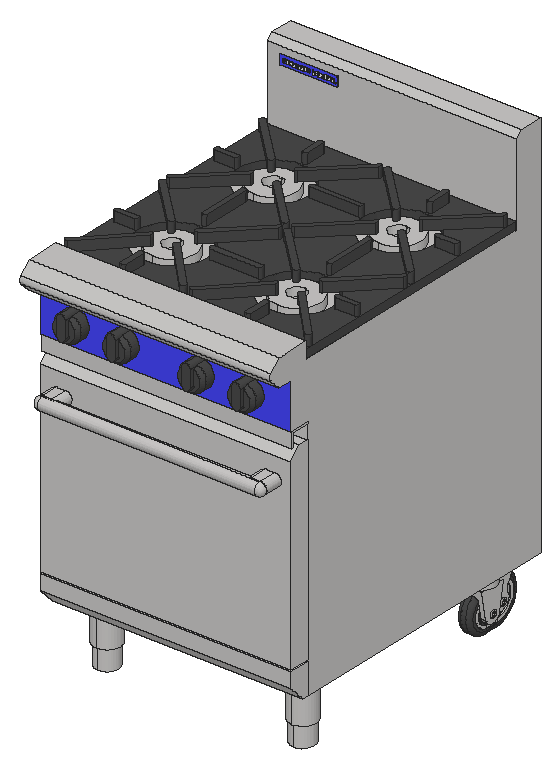
Revit family "QF_MOFFAT_BLUESEAL_CE_G504D", category Specialty Equipment, Revit 2012
Parameters
  Weight in Pounds = 346
  URL Cutsheet = "www.moffat.com"
  URL = "www.moffat.com"
  Type Mark [instance] = ""
  Status [instance] = ""
  Specification by User [instance] = ""
  Specification by Manufacturer = ""
  Show Logo [instance] = yes
  Show Clearance [instance] = yes
  Show Casters [instance] = yes
  Serial Number = ""
  Seismic Rating = ""
  SMACNA No = ""
  Revision Code [instance] = ""
  Omniclass Number and Title = ""
  NAFEM Spec ID Number = ""
  Model = "G504D"
  Mechanical Remarks [instance] = ""
  Mechanical Connection Type [instance] = ""
  Masterspec = ""
  Manufacturer = "MOFFAT BLUESEAL"
  Legs [instance] = not(Show Casters)  # no
  Item Number [instance] = ""
  Installed By [instance] = ""
  Identify Quantity as Lot [instance] = yes
  Gas Size = 3/4"
  Gas RI Height [instance] = 0 mm
  Gas KW [instance] = 37.7
  Gas Input [instance] = 128903.0 Btu/h
  Gas Connection Height = 0 mm
  Furnished By [instance] = ""
  Foodservice Equipment Identifier [instance] = yes
  Description = "600MM GAS RANGE WITH STATIC OVEN"
  CSI MasterFormat = ""
  CSI Master Format = ""
Reference planes
  plane 1 "BACK": y = 0
  plane 2: z = 0
  plane 3 "LEFT": x = 0
  plane 4 "RIGHT": x = 600
  plane 5 "FRONT": y = -812
  plane 6 "TOP": z = 970
  plane 7 "Center Y": x = 300
  plane 8 "Center X": y = -406
  plane 9: x = 65
  plane 10: x = 535
  plane 11: y = -100
  plane 12 "Base Height": z = 150
  plane 13: x = 65.8
  plane 14: x = 470
  plane 15: z = 1085
Forms (mm)
  Extrusion 1, solid, material "QF_Finishes_Stainless Steel"
    sketch origin (0, 0, 0) x (0, 1, 0) y (0, 0, 1)
      loop
        line (-784.97, 850) -> (-749, 850) -> (-749, 740) -> (-699, 740) -> (-699, 150) -> (0, 150) -> (0, 1085) -> (-57.5, 1085) -> (-70, 1072.5) -> (-70, 875) -> (-705, 875) -> (-705, 915) -> (-783.97, 915) -> (-808.525, 890.445)
        arc (-808.525, 890.445) -> (-812.023, 882) -> (-808.525, 873.555) r 11.943
        line (-808.525, 873.555) -> (-784.97, 850)
    from 0 to 600
  Extrusion 2, solid, material "QF_Finishes_Stainless Steel"
    sketch origin (405.062, 3, 100) x (1, 0, 0) y (0, 1, 0)
      loop
        circle (65, -35) r 13.5
    from 555 to 640
  Revolve 3, solid, material "QF_Finishes_Stainless Steel"
    sketch origin (65, -735, 0) x (0, 1, 0) y (0, 0, 1)
      loop
        line (71.25, 150) -> (71.25, 50) -> (75.5, 50) -> (75.5, 0) -> (103, 0) -> (103, 150) -> (71.25, 150)
      axis (103, 150) -> (103, 0)
    angle from 0 to 360
  Revolve 4, solid, material "QF_Finishes_Stainless Steel"
    sketch origin (535, -735, 0) x (0, 1, 0) y (0, 0, -1)
      loop
        line (71.25, -150) -> (103, -150) -> (103, 0) -> (75.5, 0) -> (75.5, -50) -> (71.25, -50) -> (71.25, -150)
      axis (103, -150) -> (103, 0)
    angle from 0 to 360
  Extrusion 5, solid, material "QF_Finishes_Black"
    sketch origin (0, -70, 875) x (0, -1, 0) y (1, 0, 0)
      loop
        arc (1, 4) -> (1.879, 1.879) -> (4, 1) r 3
        line (4, 1) -> (638, 1)
        arc (638, 1) -> (640.121, 1.879) -> (641, 4) r 3
        line (641, 4) -> (641, 596)
        arc (641, 596) -> (640.121, 598.121) -> (638, 599) r 3
        line (638, 599) -> (4, 599)
        arc (4, 599) -> (1.879, 598.121) -> (1, 596) r 3
        line (1, 596) -> (1, 4)
      loop
        circle (167.5, 150) r 85
      loop
        circle (167.5, 450) r 85
      loop
        circle (471.268, 150) r 85
      loop
        circle (471.268, 450) r 85
    from 0 to 19.5
  Extrusion 6, solid, material "QF_Finishes_Black"
    sketch origin (0, -70, 894.5) x (0, -1, 0) y (1, 0, 0)
      loop
        spline (323.602, 15.153) -> (322.681, 13.924) -> (322.131, 12.47) -> (321.99, 10.89) -> (322.267, 9.292) -> (322.943, 7.786) -> (323.973, 6.473) -> (325.286, 5.443) -> (326.792, 4.767) -> (328.39, 4.49) -> (329.97, 4.631) -> (331.424, 5.181) -> (332.653, 6.102)
        line (332.653, 6.102) -> (440.576, 114.025)
        spline (440.576, 114.025) -> (441.337, 115.095) -> (441.738, 116.399) -> (441.751, 117.851) -> (441.375, 119.35) -> (440.637, 120.795) -> (439.586, 122.086) -> (438.295, 123.137) -> (436.85, 123.875) -> (435.351, 124.251) -> (433.899, 124.238) -> (432.595, 123.837) -> (431.525, 123.076)
        line (431.525, 123.076) -> (323.602, 15.153)
      loop
        line (618.398, 15.153) -> (503.475, 123.076)
        spline (503.475, 123.076) -> (502.405, 123.837) -> (501.101, 124.238) -> (499.649, 124.251) -> (498.15, 123.875) -> (496.705, 123.137) -> (495.414, 122.086) -> (494.363, 120.795) -> (493.625, 119.35) -> (493.249, 117.851) -> (493.262, 116.399) -> (493.663, 115.095) -> (494.424, 114.025)
        line (494.424, 114.025) -> (609.347, 6.102)
        spline (609.347, 6.102) -> (610.416, 5.341) -> (611.721, 4.941) -> (613.172, 4.928) -> (614.671, 5.303) -> (616.116, 6.041) -> (617.408, 7.092) -> (618.459, 8.384) -> (619.197, 9.829) -> (619.572, 11.328) -> (619.559, 12.779) -> (619.159, 14.084) -> (618.398, 15.153)
      loop
        spline (375.602, 143.6) -> (376.896, 143.818) -> (378.102, 144.457) -> (379.138, 145.475) -> (379.932, 146.8) -> (380.432, 148.344) -> (380.602, 150) -> (380.432, 151.656) -> (379.932, 153.2) -> (379.138, 154.525) -> (378.102, 155.543) -> (376.896, 156.182) -> (375.602, 156.4)
        line (375.602, 156.4) -> (259.398, 156.4)
        spline (259.398, 156.4) -> (258.104, 156.182) -> (256.898, 155.543) -> (255.862, 154.525) -> (255.068, 153.2) -> (254.568, 151.656) -> (254.398, 150) -> (254.568, 148.344) -> (255.068, 146.8) -> (255.862, 145.475) -> (256.898, 144.457) -> (258.104, 143.818) -> (259.398, 143.6)
        line (259.398, 143.6) -> (375.602, 143.6)
      loop
        spline (23.602, 15.153) -> (22.681, 13.924) -> (22.131, 12.47) -> (21.99, 10.89) -> (22.267, 9.292) -> (22.943, 7.786) -> (23.973, 6.473) -> (25.286, 5.443) -> (26.792, 4.767) -> (28.39, 4.49) -> (29.97, 4.631) -> (31.424, 5.181) -> (32.653, 6.102)
        line (32.653, 6.102) -> (140.576, 114.025)
        spline (140.576, 114.025) -> (141.337, 115.095) -> (141.738, 116.399) -> (141.751, 117.851) -> (141.375, 119.35) -> (140.637, 120.795) -> (139.586, 122.086) -> (138.295, 123.137) -> (136.85, 123.875) -> (135.351, 124.251) -> (133.899, 124.238) -> (132.595, 123.837) -> (131.525, 123.076)
        line (131.525, 123.076) -> (23.602, 15.153)
      loop
        line (311.398, 15.153) -> (203.475, 123.076)
        spline (203.475, 123.076) -> (202.405, 123.837) -> (201.101, 124.238) -> (199.649, 124.251) -> (198.15, 123.875) -> (196.705, 123.137) -> (195.414, 122.086) -> (194.363, 120.795) -> (193.625, 119.35) -> (193.249, 117.851) -> (193.262, 116.399) -> (193.663, 115.095) -> (194.424, 114.025)
        line (194.424, 114.025) -> (302.347, 6.102)
        spline (302.347, 6.102) -> (303.416, 5.341) -> (304.721, 4.941) -> (306.172, 4.928) -> (307.671, 5.303) -> (309.116, 6.041) -> (310.408, 7.092) -> (311.459, 8.384) -> (312.197, 9.829) -> (312.572, 11.328) -> (312.559, 12.779) -> (312.159, 14.084) -> (311.398, 15.153)
      loop
        line (323.602, 284.847) -> (431.525, 176.924)
        spline (431.525, 176.924) -> (432.595, 176.163) -> (433.899, 175.762) -> (435.351, 175.749) -> (436.85, 176.125) -> (438.295, 176.863) -> (439.586, 177.914) -> (440.637, 179.205) -> (441.375, 180.65) -> (441.751, 182.149) -> (441.738, 183.601) -> (441.337, 184.905) -> (440.576, 185.975)
        line (440.576, 185.975) -> (332.653, 293.898)
        spline (332.653, 293.898) -> (331.424, 294.819) -> (329.97, 295.369) -> (328.39, 295.51) -> (326.792, 295.233) -> (325.286, 294.557) -> (323.973, 293.527) -> (322.943, 292.214) -> (322.267, 290.708) -> (321.99, 289.11) -> (322.131, 287.53) -> (322.681, 286.076) -> (323.602, 284.847)
      loop
        spline (618.398, 284.847) -> (619.159, 285.916) -> (619.559, 287.221) -> (619.572, 288.672) -> (619.197, 290.171) -> (618.459, 291.616) -> (617.408, 292.908) -> (616.116, 293.959) -> (614.671, 294.697) -> (613.172, 295.072) -> (611.721, 295.059) -> (610.416, 294.659) -> (609.347, 293.898)
        line (609.347, 293.898) -> (494.424, 185.975)
        spline (494.424, 185.975) -> (493.663, 184.905) -> (493.262, 183.601) -> (493.249, 182.149) -> (493.625, 180.65) -> (494.363, 179.205) -> (495.414, 177.914) -> (496.705, 176.863) -> (498.15, 176.125) -> (499.649, 175.749) -> (501.101, 175.762) -> (502.405, 176.163) -> (503.475, 176.924)
        line (503.475, 176.924) -> (618.398, 284.847)
      loop
        spline (461.1, 241.898) -> (461.318, 240.604) -> (461.957, 239.398) -> (462.975, 238.362) -> (464.3, 237.568) -> (465.844, 237.068) -> (467.5, 236.898) -> (469.156, 237.068) -> (470.7, 237.568) -> (472.025, 238.362) -> (473.043, 239.398) -> (473.682, 240.604) -> (473.9, 241.898)
        line (473.9, 241.898) -> (473.9, 358.102)
        spline (473.9, 358.102) -> (473.682, 359.396) -> (473.043, 360.602) -> (472.025, 361.638) -> (470.7, 362.432) -> (469.156, 362.932) -> (467.5, 363.102) -> (465.844, 362.932) -> (464.3, 362.432) -> (462.975, 361.638) -> (461.957, 360.602) -> (461.318, 359.396) -> (461.1, 358.102)
        line (461.1, 358.102) -> (461.1, 241.898)
      loop
        line (23.602, 284.847) -> (131.525, 176.924)
        spline (131.525, 176.924) -> (132.595, 176.163) -> (133.899, 175.762) -> (135.351, 175.749) -> (136.85, 176.125) -> (138.295, 176.863) -> (139.586, 177.914) -> (140.637, 179.205) -> (141.375, 180.65) -> (141.751, 182.149) -> (141.738, 183.601) -> (141.337, 184.905) -> (140.576, 185.975)
        line (140.576, 185.975) -> (32.653, 293.898)
        spline (32.653, 293.898) -> (31.424, 294.819) -> (29.97, 295.369) -> (28.39, 295.51) -> (26.792, 295.233) -> (25.286, 294.557) -> (23.973, 293.527) -> (22.943, 292.214) -> (22.267, 290.708) -> (21.99, 289.11) -> (22.131, 287.53) -> (22.681, 286.076) -> (23.602, 284.847)
      loop
        spline (311.398, 284.847) -> (312.159, 285.916) -> (312.559, 287.221) -> (312.572, 288.672) -> (312.197, 290.171) -> (311.459, 291.616) -> (310.408, 292.908) -> (309.116, 293.959) -> (307.671, 294.697) -> (306.172, 295.072) -> (304.721, 295.059) -> (303.416, 294.659) -> (302.347, 293.898)
        line (302.347, 293.898) -> (194.424, 185.975)
        spline (194.424, 185.975) -> (193.663, 184.905) -> (193.262, 183.601) -> (193.249, 182.149) -> (193.625, 180.65) -> (194.363, 179.205) -> (195.414, 177.914) -> (196.705, 176.863) -> (198.15, 176.125) -> (199.649, 175.749) -> (201.101, 175.762) -> (202.405, 176.163) -> (203.475, 176.924)
        line (203.475, 176.924) -> (311.398, 284.847)
      loop
        spline (161.1, 241.898) -> (161.318, 240.604) -> (161.957, 239.398) -> (162.975, 238.362) -> (164.3, 237.568) -> (165.844, 237.068) -> (167.5, 236.898) -> (169.156, 237.068) -> (170.7, 237.568) -> (172.025, 238.362) -> (173.043, 239.398) -> (173.682, 240.604) -> (173.9, 241.898)
        line (173.9, 241.898) -> (173.9, 358.102)
        spline (173.9, 358.102) -> (173.682, 359.396) -> (173.043, 360.602) -> (172.025, 361.638) -> (170.7, 362.432) -> (169.156, 362.932) -> (167.5, 363.102) -> (165.844, 362.932) -> (164.3, 362.432) -> (162.975, 361.638) -> (161.957, 360.602) -> (161.318, 359.396) -> (161.1, 358.102)
        line (161.1, 358.102) -> (161.1, 241.898)
      loop
        line (323.602, 584.847) -> (431.525, 476.924)
        spline (431.525, 476.924) -> (432.595, 476.163) -> (433.899, 475.762) -> (435.351, 475.749) -> (436.85, 476.125) -> (438.295, 476.863) -> (439.586, 477.914) -> (440.637, 479.205) -> (441.375, 480.65) -> (441.751, 482.149) -> (441.738, 483.601) -> (441.337, 484.905) -> (440.576, 485.975)
        line (440.576, 485.975) -> (332.653, 593.898)
        spline (332.653, 593.898) -> (331.424, 594.819) -> (329.97, 595.369) -> (328.39, 595.51) -> (326.792, 595.233) -> (325.286, 594.557) -> (323.973, 593.527) -> (322.943, 592.214) -> (322.267, 590.708) -> (321.99, 589.11) -> (322.131, 587.53) -> (322.681, 586.076) -> (323.602, 584.847)
      loop
        spline (618.398, 584.847) -> (619.159, 585.916) -> (619.559, 587.221) -> (619.572, 588.672) -> (619.197, 590.171) -> (618.459, 591.616) -> (617.408, 592.908) -> (616.116, 593.959) -> (614.671, 594.697) -> (613.172, 595.072) -> (611.721, 595.059) -> (610.416, 594.659) -> (609.347, 593.898)
        line (609.347, 593.898) -> (494.424, 485.975)
        spline (494.424, 485.975) -> (493.663, 484.905) -> (493.262, 483.601) -> (493.249, 482.149) -> (493.625, 480.65) -> (494.363, 479.205) -> (495.414, 477.914) -> (496.705, 476.863) -> (498.15, 476.125) -> (499.649, 475.749) -> (501.101, 475.762) -> (502.405, 476.163) -> (503.475, 476.924)
        line (503.475, 476.924) -> (618.398, 584.847)
      loop
        line (375.602, 456.4) -> (259.398, 456.4)
        spline (259.398, 456.4) -> (258.104, 456.182) -> (256.898, 455.543) -> (255.862, 454.525) -> (255.068, 453.2) -> (254.568, 451.656) -> (254.398, 450) -> (254.568, 448.344) -> (255.068, 446.8) -> (255.862, 445.475) -> (256.898, 444.457) -> (258.104, 443.818) -> (259.398, 443.6)
        line (259.398, 443.6) -> (375.602, 443.6)
        spline (375.602, 443.6) -> (376.896, 443.818) -> (378.102, 444.457) -> (379.138, 445.475) -> (379.932, 446.8) -> (380.432, 448.344) -> (380.602, 450) -> (380.432, 451.656) -> (379.932, 453.2) -> (379.138, 454.525) -> (378.102, 455.543) -> (376.896, 456.182) -> (375.602, 456.4)
      loop
        line (23.602, 584.847) -> (131.525, 476.924)
        spline (131.525, 476.924) -> (132.595, 476.163) -> (133.899, 475.762) -> (135.351, 475.749) -> (136.85, 476.125) -> (138.295, 476.863) -> (139.586, 477.914) -> (140.637, 479.205) -> (141.375, 480.65) -> (141.751, 482.149) -> (141.738, 483.601) -> (141.337, 484.905) -> (140.576, 485.975)
        line (140.576, 485.975) -> (32.653, 593.898)
        spline (32.653, 593.898) -> (31.424, 594.819) -> (29.97, 595.369) -> (28.39, 595.51) -> (26.792, 595.233) -> (25.286, 594.557) -> (23.973, 593.527) -> (22.943, 592.214) -> (22.267, 590.708) -> (21.99, 589.11) -> (22.131, 587.53) -> (22.681, 586.076) -> (23.602, 584.847)
      loop
        spline (311.398, 584.847) -> (312.159, 585.916) -> (312.559, 587.221) -> (312.572, 588.672) -> (312.197, 590.171) -> (311.459, 591.616) -> (310.408, 592.908) -> (309.116, 593.959) -> (307.671, 594.697) -> (306.172, 595.072) -> (304.721, 595.059) -> (303.416, 594.659) -> (302.347, 593.898)
        line (302.347, 593.898) -> (194.424, 485.975)
        spline (194.424, 485.975) -> (193.663, 484.905) -> (193.262, 483.601) -> (193.249, 482.149) -> (193.625, 480.65) -> (194.363, 479.205) -> (195.414, 477.914) -> (196.705, 476.863) -> (198.15, 476.125) -> (199.649, 475.749) -> (201.101, 475.762) -> (202.405, 476.163) -> (203.475, 476.924)
        line (203.475, 476.924) -> (311.398, 584.847)
      loop
        spline (323.602, 315.153) -> (322.681, 313.924) -> (322.131, 312.47) -> (321.99, 310.89) -> (322.267, 309.292) -> (322.943, 307.786) -> (323.973, 306.473) -> (325.286, 305.443) -> (326.792, 304.767) -> (328.39, 304.49) -> (329.97, 304.631) -> (331.424, 305.181) -> (332.653, 306.102)
        line (332.653, 306.102) -> (440.576, 414.025)
        spline (440.576, 414.025) -> (441.337, 415.095) -> (441.738, 416.399) -> (441.751, 417.851) -> (441.375, 419.35) -> (440.637, 420.795) -> (439.586, 422.086) -> (438.295, 423.137) -> (436.85, 423.875) -> (435.351, 424.251) -> (433.899, 424.238) -> (432.595, 423.837) -> (431.525, 423.076)
        line (431.525, 423.076) -> (323.602, 315.153)
      loop
        line (618.398, 315.153) -> (503.475, 423.076)
        spline (503.475, 423.076) -> (502.405, 423.837) -> (501.101, 424.238) -> (499.649, 424.251) -> (498.15, 423.875) -> (496.705, 423.137) -> (495.414, 422.086) -> (494.363, 420.795) -> (493.625, 419.35) -> (493.249, 417.851) -> (493.262, 416.399) -> (493.663, 415.095) -> (494.424, 414.025)
        line (494.424, 414.025) -> (609.347, 306.102)
        spline (609.347, 306.102) -> (610.416, 305.341) -> (611.721, 304.941) -> (613.172, 304.928) -> (614.671, 305.303) -> (616.116, 306.041) -> (617.408, 307.092) -> (618.459, 308.384) -> (619.197, 309.829) -> (619.572, 311.328) -> (619.559, 312.779) -> (619.159, 314.084) -> (618.398, 315.153)
      loop
        spline (23.602, 315.153) -> (22.681, 313.924) -> (22.131, 312.47) -> (21.99, 310.89) -> (22.267, 309.292) -> (22.943, 307.786) -> (23.973, 306.473) -> (25.286, 305.443) -> (26.792, 304.767) -> (28.39, 304.49) -> (29.97, 304.631) -> (31.424, 305.181) -> (32.653, 306.102)
        line (32.653, 306.102) -> (140.576, 414.025)
        spline (140.576, 414.025) -> (141.337, 415.095) -> (141.738, 416.399) -> (141.751, 417.851) -> (141.375, 419.35) -> (140.637, 420.795) -> (139.586, 422.086) -> (138.295, 423.137) -> (136.85, 423.875) -> (135.351, 424.251) -> (133.899, 424.238) -> (132.595, 423.837) -> (131.525, 423.076)
        line (131.525, 423.076) -> (23.602, 315.153)
      loop
        line (311.398, 315.153) -> (203.475, 423.076)
        spline (203.475, 423.076) -> (202.405, 423.837) -> (201.101, 424.238) -> (199.649, 424.251) -> (198.15, 423.875) -> (196.705, 423.137) -> (195.414, 422.086) -> (194.363, 420.795) -> (193.625, 419.35) -> (193.249, 417.851) -> (193.262, 416.399) -> (193.663, 415.095) -> (194.424, 414.025)
        line (194.424, 414.025) -> (302.347, 306.102)
        spline (302.347, 306.102) -> (303.416, 305.341) -> (304.721, 304.941) -> (306.172, 304.928) -> (307.671, 305.303) -> (309.116, 306.041) -> (310.408, 307.092) -> (311.459, 308.384) -> (312.197, 309.829) -> (312.572, 311.328) -> (312.559, 312.779) -> (312.159, 314.084) -> (311.398, 315.153)
      loop
        spline (73.08, 143.6) -> (74.374, 143.818) -> (75.58, 144.457) -> (76.615, 145.475) -> (77.41, 146.8) -> (77.909, 148.344) -> (78.08, 150) -> (77.909, 151.656) -> (77.41, 153.2) -> (76.615, 154.525) -> (75.58, 155.543) -> (74.374, 156.182) -> (73.08, 156.4)
        line (73.08, 156.4) -> (26.876, 156.4)
        spline (26.876, 156.4) -> (25.582, 156.182) -> (24.376, 155.543) -> (23.34, 154.525) -> (22.546, 153.2) -> (22.046, 151.656) -> (21.876, 150) -> (22.046, 148.344) -> (22.546, 146.8) -> (23.34, 145.475) -> (24.376, 144.457) -> (25.582, 143.818) -> (26.876, 143.6)
        line (26.876, 143.6) -> (73.08, 143.6)
      loop
        spline (73.08, 443.612) -> (74.374, 443.83) -> (75.58, 444.469) -> (76.615, 445.486) -> (77.41, 446.812) -> (77.909, 448.355) -> (78.08, 450.012) -> (77.909, 451.668) -> (77.41, 453.212) -> (76.615, 454.537) -> (75.58, 455.554) -> (74.374, 456.194) -> (73.08, 456.412)
        line (73.08, 456.412) -> (26.876, 456.412)
        spline (26.876, 456.412) -> (25.582, 456.194) -> (24.376, 455.554) -> (23.34, 454.537) -> (22.546, 453.212) -> (22.046, 451.668) -> (21.876, 450.012) -> (22.046, 448.355) -> (22.546, 446.812) -> (23.34, 445.486) -> (24.376, 444.469) -> (25.582, 443.83) -> (26.876, 443.612)
        line (26.876, 443.612) -> (73.08, 443.612)
      loop
        spline (620.08, 143.6) -> (621.374, 143.818) -> (622.58, 144.457) -> (623.615, 145.475) -> (624.41, 146.8) -> (624.909, 148.344) -> (625.08, 150) -> (624.909, 151.656) -> (624.41, 153.2) -> (623.615, 154.525) -> (622.58, 155.543) -> (621.374, 156.182) -> (620.08, 156.4)
        line (620.08, 156.4) -> (566.876, 156.4)
        spline (566.876, 156.4) -> (565.582, 156.182) -> (564.376, 155.543) -> (563.34, 154.525) -> (562.546, 153.2) -> (562.046, 151.656) -> (561.876, 150) -> (562.046, 148.344) -> (562.546, 146.8) -> (563.34, 145.475) -> (564.376, 144.457) -> (565.582, 143.818) -> (566.876, 143.6)
        line (566.876, 143.6) -> (620.08, 143.6)
      loop
        spline (620.08, 443.612) -> (621.374, 443.83) -> (622.58, 444.469) -> (623.615, 445.486) -> (624.41, 446.812) -> (624.909, 448.355) -> (625.08, 450.012) -> (624.909, 451.668) -> (624.41, 453.212) -> (623.615, 454.537) -> (622.58, 455.554) -> (621.374, 456.194) -> (620.08, 456.412)
        line (620.08, 456.412) -> (566.876, 456.412)
        spline (566.876, 456.412) -> (565.582, 456.194) -> (564.376, 455.554) -> (563.34, 454.537) -> (562.546, 453.212) -> (562.046, 451.668) -> (561.876, 450.012) -> (562.046, 448.355) -> (562.546, 446.812) -> (563.34, 445.486) -> (564.376, 444.469) -> (565.582, 443.83) -> (566.876, 443.612)
        line (566.876, 443.612) -> (620.08, 443.612)
      loop
        spline (161.1, 13.784) -> (161.318, 12.49) -> (161.957, 11.284) -> (162.975, 10.248) -> (164.3, 9.454) -> (165.844, 8.954) -> (167.5, 8.784) -> (169.156, 8.954) -> (170.7, 9.454) -> (172.025, 10.248) -> (173.043, 11.284) -> (173.682, 12.49) -> (173.9, 13.784)
        line (173.9, 13.784) -> (173.9, 59.988)
        spline (173.9, 59.988) -> (173.682, 61.282) -> (173.043, 62.488) -> (172.025, 63.524) -> (170.7, 64.318) -> (169.156, 64.818) -> (167.5, 64.988) -> (165.844, 64.818) -> (164.3, 64.318) -> (162.975, 63.524) -> (161.957, 62.488) -> (161.318, 61.282) -> (161.1, 59.988)
        line (161.1, 59.988) -> (161.1, 13.784)
      loop
        spline (461.368, 13.784) -> (461.586, 12.49) -> (462.225, 11.284) -> (463.242, 10.248) -> (464.568, 9.454) -> (466.111, 8.954) -> (467.768, 8.784) -> (469.424, 8.954) -> (470.968, 9.454) -> (472.293, 10.248) -> (473.31, 11.284) -> (473.95, 12.49) -> (474.168, 13.784)
        line (474.168, 13.784) -> (474.168, 59.988)
        spline (474.168, 59.988) -> (473.95, 61.282) -> (473.31, 62.488) -> (472.293, 63.524) -> (470.968, 64.318) -> (469.424, 64.818) -> (467.768, 64.988) -> (466.111, 64.818) -> (464.568, 64.318) -> (463.242, 63.524) -> (462.225, 62.488) -> (461.586, 61.282) -> (461.368, 59.988)
        line (461.368, 59.988) -> (461.368, 13.784)
      loop
        spline (161.1, 542.764) -> (161.318, 541.47) -> (161.957, 540.264) -> (162.975, 539.229) -> (164.3, 538.434) -> (165.844, 537.934) -> (167.5, 537.764) -> (169.156, 537.934) -> (170.7, 538.434) -> (172.025, 539.229) -> (173.043, 540.264) -> (173.682, 541.47) -> (173.9, 542.764)
        line (173.9, 542.764) -> (173.9, 588.968)
        spline (173.9, 588.968) -> (173.682, 590.262) -> (173.043, 591.468) -> (172.025, 592.504) -> (170.7, 593.298) -> (169.156, 593.798) -> (167.5, 593.968) -> (165.844, 593.798) -> (164.3, 593.298) -> (162.975, 592.504) -> (161.957, 591.468) -> (161.318, 590.262) -> (161.1, 588.968)
        line (161.1, 588.968) -> (161.1, 542.764)
      loop
        spline (461.368, 542.764) -> (461.586, 541.47) -> (462.225, 540.264) -> (463.242, 539.229) -> (464.568, 538.434) -> (466.111, 537.934) -> (467.768, 537.764) -> (469.424, 537.934) -> (470.968, 538.434) -> (472.293, 539.229) -> (473.31, 540.264) -> (473.95, 541.47) -> (474.168, 542.764)
        line (474.168, 542.764) -> (474.168, 588.968)
        spline (474.168, 588.968) -> (473.95, 590.262) -> (473.31, 591.468) -> (472.293, 592.504) -> (470.968, 593.298) -> (469.424, 593.798) -> (467.768, 593.968) -> (466.111, 593.798) -> (464.568, 593.298) -> (463.242, 592.504) -> (462.225, 591.468) -> (461.586, 590.262) -> (461.368, 588.968)
        line (461.368, 588.968) -> (461.368, 542.764)
    from 0 to 23.5
  Revolve 7, solid, material "QF_Finishes_Black"
    sketch origin (208.75, 9, 759.75) x (0, -1, 0) y (0, 0, 1)
      loop
        line (789, 69.605) -> (766, 69.605) -> (766, 42.105) -> (756, 42.105) -> (756, 37.105) -> (800, 37.105) -> (800, 63.757) -> (789, 69.605)
      axis (800, 37.105) -> (756, 37.105)
    angle from 0 to 360
  Extrusion 8, solid, material "QF_Finishes_Black"
    sketch origin (70.319, 9, 655.753) x (1, 0, 0) y (0, 0, 1)
      loop
        line (148.431, 129) -> (148.431, 167.997)
        arc (148.431, 167.997) -> (138.431, 177.997) -> (128.431, 167.997) r 10
        line (128.431, 167.997) -> (128.431, 129)
        arc (128.431, 129) -> (138.431, 119) -> (148.431, 129) r 10
    from 759 to 808
  Revolve 9, solid, material "QF_Finishes_Black"
    sketch origin (88.749, 9, 759.623) x (0, 1, 0) y (0, 0, -1)
      loop
        line (-789, -69.5) -> (-766, -69.5) -> (-766, -42) -> (-756, -42) -> (-756, -37) -> (-800, -37) -> (-800, -63.651) -> (-789, -69.5)
      axis (-800, -37) -> (-756, -37)
    angle from 0 to 360
  Extrusion 10, solid, material "QF_Finishes_Black"
    sketch origin (227.019, 9, 759.781) x (-1, 0, 0) y (0, 0, -1)
      loop
        arc (148.269, -24.969) -> (138.269, -14.969) -> (128.269, -24.969) r 10
        line (128.269, -24.969) -> (128.269, -63.969)
        arc (128.269, -63.969) -> (138.269, -73.969) -> (148.269, -63.969) r 10
        line (148.269, -63.969) -> (148.269, -24.969)
    from 759 to 808
  Revolve 11, solid, material "QF_Finishes_Black"
    sketch origin (508.75, 9, 759.75) x (0, -1, 0) y (0, 0, 1)
      loop
        line (789, 69.605) -> (766, 69.605) -> (766, 42.105) -> (756, 42.105) -> (756, 37.105) -> (800, 37.105) -> (800, 63.757) -> (789, 69.605)
      axis (800, 37.105) -> (756, 37.105)
    angle from 0 to 360
  Extrusion 12, solid, material "QF_Finishes_Black"
    sketch origin (370.319, 9, 655.753) x (1, 0, 0) y (0, 0, 1)
      loop
        line (148.431, 129) -> (148.431, 167.997)
        arc (148.431, 167.997) -> (138.431, 177.997) -> (128.431, 167.997) r 10
        line (128.431, 167.997) -> (128.431, 129)
        arc (128.431, 129) -> (138.431, 119) -> (148.431, 129) r 10
    from 759 to 808
  Revolve 13, solid, material "QF_Finishes_Black"
    sketch origin (388.749, 9, 759.623) x (0, 1, 0) y (0, 0, -1)
      loop
        line (-789, -69.5) -> (-766, -69.5) -> (-766, -42) -> (-756, -42) -> (-756, -37) -> (-800, -37) -> (-800, -63.651) -> (-789, -69.5)
      axis (-800, -37) -> (-756, -37)
    angle from 0 to 360
  Extrusion 14, solid, material "QF_Finishes_Black"
    sketch origin (527.019, 9, 759.781) x (-1, 0, 0) y (0, 0, -1)
      loop
        arc (148.269, -24.969) -> (138.269, -14.969) -> (128.269, -24.969) r 10
        line (128.269, -24.969) -> (128.269, -63.969)
        arc (128.269, -63.969) -> (138.269, -73.969) -> (148.269, -63.969) r 10
        line (148.269, -63.969) -> (148.269, -24.969)
    from 759 to 808
  Extrusion 15, solid, material "QF_Door-Drawer Clearances", visible <- "Show Clearance", detail levels coarse
    sketch origin (0, 7, 0) x (0, -1, 0) y (0, 0, 1)
      loop
        line (756, 690.016) -> (756, 227.5) -> (1218.516, 227.5)
        arc (1218.516, 227.5) -> (1083.048, 554.548) -> (756, 690.016) r 462.516
    from 0 to -600
  Extrusion 16, void
    sketch origin (0, 0, 150) x (-1, 0, 0) y (0, -1, 0)
      loop
        line (-531.028, 89.21) -> (-531.028, -28.29) -> (-401.528, -28.29) -> (-401.528, 40.71) -> (-450.028, 89.21) -> (-531.028, 89.21)
    from 72.5 to 590
  Extrusion 17, solid, material "QF_Finishes_Stainless Steel"
    sketch origin (0, -70, 875) x (0, -1, 0) y (1, 0, 0)
      loop
        circle (171, 450) r 57
      loop
        circle (474.5, 450) r 57
      loop
        circle (474.5, 150) r 57
      loop
        circle (171, 150) r 57
      loop
        circle (168.302, 148.743) r 22
      loop
        circle (168.302, 448.743) r 22
      loop
        circle (471.802, 448.743) r 22
      loop
        circle (471.802, 148.743) r 22
    from 0 to 19.5
  Extrusion 18, solid, material "QF_Finishes_Stainless Steel"
    sketch origin (0, -749, 227.5) x (0, 0, 1) y (-1, 0, 0)
      loop
        line (380.625, -38.246) -> (380.625, -58.528)
        arc (380.625, -58.528) -> (395.625, -73.528) -> (410.625, -58.528) r 15
        line (410.625, -58.528) -> (410.625, -38.246)
        arc (410.625, -38.246) -> (395.625, -23.246) -> (380.625, -38.246) r 15
      loop
        arc (380.625, -560.539) -> (395.625, -575.539) -> (410.625, -560.539) r 15
        line (410.625, -560.539) -> (410.625, -540.257)
        arc (410.625, -540.257) -> (395.625, -525.257) -> (380.625, -540.257) r 15
        line (380.625, -540.257) -> (380.625, -560.539)
    from 0 to 44
  Revolve 19, solid, material "QF_Finishes_Stainless Steel"
    sketch origin (0, -793, 0) x (1, 0, 0) y (0, 0, 1)
      loop
        arc (575.539, 623.125) -> (571.146, 633.732) -> (560.539, 638.125) r 15
        line (560.539, 638.125) -> (38.246, 638.125)
        arc (38.246, 638.125) -> (27.64, 633.732) -> (23.246, 623.125) r 15
        line (23.246, 623.125) -> (575.539, 623.125)
      axis (575.539, 623.125) -> (23.246, 623.125)
    angle from 0 to 360
  Extrusion 20, solid, material "QF_Finishes_Stainless Steel"
    sketch origin (0, 9, 0) x (0, 1, 0) y (0, 0, 1)
      loop
        line (-708, 227.5) -> (-708, 700) -> (-734, 700) -> (-758, 676) -> (-758, 227.5) -> (-708, 227.5)
    from 0 to 600
  Extrusion 21, solid, material "QF_Finishes_Stainless Steel"
    sketch origin (0, 9, 0) x (0, 1, 0) y (0, 0, 1)
      loop
        line (-756, 738) -> (-756, 703) -> (-752.98, 703) -> (-752.98, 735) -> (-708, 735) -> (-708, 738) -> (-756, 738)
    from 0 to 600
  Extrusion 22, solid, material "QF_Finishes_Stainless Steel"
    sketch origin (0, 9, 0) x (0, 1, 0) y (0, 0, 1)
      loop
        line (-708, 222.5) -> (-758, 222.5) -> (-758, 186) -> (-722, 150) -> (-708, 150) -> (-708, 222.5)
    from 0 to 600
  Extrusion 23, solid, material "QF_Finishes_Stainless Steel", visible <- "Show Casters"
    sketch origin (71.501, 133.353, -8.783) x (0, 1, 0) y (0, 0, 1)
      loop
        line (-201.603, 118.783) -> (-265.103, 118.783) -> (-252.746, 53.895)
        arc (-252.746, 53.895) -> (-233.353, 38.783) -> (-213.959, 53.895) r 20
        line (-213.959, 53.895) -> (-201.603, 118.783)
    from -35.667 to 22.923
  Revolve 24, solid, material "QF_Finishes_Stainless Steel", visible <- "Show Casters"
    sketch origin (65, -203, 0) x (0, 1, 0) y (0, 0, 1)
      loop
        line (67.25, 150) -> (67.25, 110) -> (103, 110) -> (103, 150) -> (67.25, 150)
      axis (103, 150) -> (103, 110)
    angle from 0 to 360
  Revolve 25, solid, material "QF_Finishes_Stainless Steel", visible <- "Show Casters"
    sketch origin (535, -203, 0) x (0, 1, 0) y (0, 0, -1)
      loop
        line (67.25, -150) -> (103, -150) -> (103, -110) -> (67.25, -110) -> (67.25, -150)
      axis (103, -150) -> (103, -110)
    angle from 0 to 360
  Revolve 26, solid, material "QF_Finishes_Stainless Steel", visible <- "Show Casters"
    sketch origin (485.776, -99.755, -13.653) x (1, 0, 0) y (0, 0, 1)
      loop
        line (14.841, 64.453) -> (83.584, 64.453) -> (83.584, 67.958) -> (82.314, 69.228) -> (80.79, 69.228) -> (80.79, 72.674) -> (68.644, 72.674) -> (68.644, 82.639) -> (65.088, 84.692) -> (63.738, 93.028) -> (65.881, 93.028) -> (65.881, 99.378) -> (65.088, 99.378) -> (65.088, 105.728)
        arc (65.088, 105.728) -> (62.298, 112.463) -> (55.563, 115.253) r 9.525
        line (55.563, 115.253) -> (42.863, 115.253)
        arc (42.863, 115.253) -> (36.127, 112.463) -> (33.338, 105.728) r 9.525
        line (33.338, 105.728) -> (33.338, 99.378) -> (32.544, 99.378) -> (32.544, 93.028) -> (34.687, 93.028) -> (33.352, 84.781) -> (29.782, 82.719) -> (29.782, 72.674) -> (17.635, 72.674) -> (17.635, 69.228) -> (16.111, 69.228) -> (14.841, 67.958) -> (14.841, 64.453)
      axis (14.841, 64.453) -> (83.584, 64.453)
    angle from 0 to 360
  Extrusion 27, solid, material "QF_Finishes_Stainless Steel", visible <- "Show Casters"
    sketch origin (541.501, 133.353, -8.783) x (0, 1, 0) y (0, 0, 1)
      loop
        line (-201.603, 118.783) -> (-265.103, 118.783) -> (-252.746, 53.895)
        arc (-252.746, 53.895) -> (-233.353, 38.783) -> (-213.959, 53.895) r 20
        line (-213.959, 53.895) -> (-201.603, 118.783)
    from -35.667 to 22.923
  Revolve 28, solid, material "QF_Finishes_Stainless Steel", visible <- "Legs"
    sketch origin (65, -165, 0) x (0, 1, 0) y (0, 0, 1)
      loop
        line (33.25, 150) -> (33.25, 50) -> (37.5, 50) -> (37.5, 0) -> (65, 0) -> (65, 150) -> (33.25, 150)
      axis (65, 150) -> (65, 0)
    angle from 0 to 360
  Revolve 29, solid, material "QF_Finishes_Stainless Steel", visible <- "Legs"
    sketch origin (535, -165, 0) x (0, 1, 0) y (0, 0, -1)
      loop
        line (33.25, -150) -> (65, -150) -> (65, 0) -> (37.5, 0) -> (37.5, -50) -> (33.25, -50) -> (33.25, -150)
      axis (65, -150) -> (65, 0)
    angle from 0 to 360
  Revolve 30, solid, material "QF_Finishes_Stainless Steel", visible <- "Show Casters"
    sketch origin (114.224, -99.755, -13.653) x (-1, 0, 0) y (0, 0, -1)
      loop
        line (14.841, -64.453) -> (14.841, -67.958) -> (16.111, -69.228) -> (17.635, -69.228) -> (17.635, -72.674) -> (29.782, -72.674) -> (29.782, -82.719) -> (33.352, -84.781) -> (34.687, -93.028) -> (32.544, -93.028) -> (32.544, -99.378) -> (33.338, -99.378) -> (33.338, -105.728)
        arc (33.338, -105.728) -> (36.127, -112.463) -> (42.863, -115.253) r 9.525
        line (42.863, -115.253) -> (55.563, -115.253)
        arc (55.563, -115.253) -> (62.298, -112.463) -> (65.088, -105.728) r 9.525
        line (65.088, -105.728) -> (65.088, -99.378) -> (65.881, -99.378) -> (65.881, -93.028) -> (63.738, -93.028) -> (65.088, -84.692) -> (68.644, -82.639) -> (68.644, -72.674) -> (80.79, -72.674) -> (80.79, -69.228) -> (82.314, -69.228) -> (83.584, -67.958) -> (83.584, -64.453) -> (14.841, -64.453)
      axis (14.841, -64.453) -> (83.584, -64.453)
    angle from 0 to 360
Cuts and joins
  Extrusion 16 cuts Extrusion 1
Lines and regions (mm)
  Split face 1
    outline origin (600, 0, 1085) x (-1, 0, 0) y (0, -1, 0)
      loop
        arc (335.206, 45.385) -> (326.545, 40.385) -> (326.545, 30.385) r 10
        line (326.545, 30.385) -> (330.587, 23.385)
        arc (330.587, 23.385) -> (334.247, 19.725) -> (339.247, 18.385) r 10
        line (339.247, 18.385) -> (567.206, 18.385)
        arc (567.206, 18.385) -> (575.866, 23.385) -> (575.866, 33.385) r 10
        line (575.866, 33.385) -> (571.824, 40.385)
        arc (571.824, 40.385) -> (568.164, 44.045) -> (563.164, 45.385) r 10
        line (563.164, 45.385) -> (335.206, 45.385)
  Split face 2
    outline origin (600, 0, 1085) x (-1, 0, 0) y (0, -1, 0)
      loop
        arc (35.206, 45.385) -> (26.545, 40.385) -> (26.545, 30.385) r 10
        line (26.545, 30.385) -> (30.587, 23.385)
        arc (30.587, 23.385) -> (34.247, 19.725) -> (39.247, 18.385) r 10
        line (39.247, 18.385) -> (267.206, 18.385)
        arc (267.206, 18.385) -> (275.866, 23.385) -> (275.866, 33.385) r 10
        line (275.866, 33.385) -> (271.824, 40.385)
        arc (271.824, 40.385) -> (268.164, 44.045) -> (263.164, 45.385) r 10
        line (263.164, 45.385) -> (35.206, 45.385)
  symbolic lines
    curve 1: line (0, 0, 0) -> (0, -812, 0)
    curve 2: line (600, 0, 0) -> (0, 0, 0)
    curve 3: line (600, -812, 0) -> (600, 0, 0)
    curve 4: line (0, -812, 0) -> (600, -812, 0)
    curve 5: line (600, -705, 0) -> (0, -705, 0)
    curve 6: line (300, -70, 0) -> (300, -705, 0)
    curve 7: arc (150, -184, 0) -> (93, -241, 0) -> (150, -298, 0) r 57
    curve 8: arc (150, -298, 0) -> (207, -241, 0) -> (150, -184, 0) r 57
    curve 9: arc (450, -184, 0) -> (393, -241, 0) -> (450, -298, 0) r 57
    curve 10: arc (450, -298, 0) -> (507, -241, 0) -> (450, -184, 0) r 57
    curve 11: arc (150, -487.5, 0) -> (93, -544.5, 0) -> (150, -601.5, 0) r 57
    curve 12: arc (150, -601.5, 0) -> (207, -544.5, 0) -> (150, -487.5, 0) r 57
    curve 13: arc (450, -487.5, 0) -> (393, -544.5, 0) -> (450, -601.5, 0) r 57
    curve 14: arc (450, -601.5, 0) -> (507, -544.5, 0) -> (450, -487.5, 0) r 57
    curve 15: line (5.842, -93.966, 0) -> (118.979, -207.103, 0)
    curve 16: line (150, -91.33, 0) -> (150, -146.33, 0)
    curve 17: line (4.26, -237.741, 0) -> (64.26, -237.741, 0)
    curve 18: line (121.121, -266.113, 0) -> (6.585, -380.648, 0)
    curve 19: line (177.796, -266.64, 0) -> (292.595, -381.439, 0)
    curve 20: line (150, -322.5, 0) -> (150, -454.5, 0)
    curve 21: line (179.762, -206.71, 0) -> (292.899, -93.573, 0)
    curve 22: line (594.158, -93.966, 0) -> (477.486, -210.638, 0)
    curve 23: line (450, -91.33, 0) -> (450, -152.5, 0)
    curve 24: line (595.74, -237.741, 0) -> (535.74, -237.741, 0)
    curve 25: line (478.879, -266.113, 0) -> (593.415, -380.648, 0)
    curve 26: line (422.204, -266.64, 0) -> (307.405, -381.439, 0)
    curve 27: line (450, -322.5, 0) -> (450, -454.5, 0)
    curve 28: line (358.238, -237.741, 0) -> (242.49, -237.741, 0)
    curve 29: line (420.238, -206.71, 0) -> (307.101, -93.573, 0)
    curve 30: line (5.842, -688.034, 0) -> (120.588, -564.984, 0)
    curve 31: line (149.988, -690.67, 0) -> (149.988, -629.768, 0)
    curve 32: line (4.26, -537.134, 0) -> (64.26, -537.134, 0)
    curve 33: line (123.258, -511.774, 0) -> (6.585, -395.102, 0)
    curve 34: line (179.458, -507.448, 0) -> (292.595, -394.311, 0)
    curve 35: line (179.349, -566.66, 0) -> (292.899, -688.427, 0)
    curve 36: line (594.158, -688.034, 0) -> (480.19, -565.819, 0)
    curve 37: line (450.012, -690.67, 0) -> (450.012, -629.768, 0)
    curve 38: line (595.74, -537.729, 0) -> (535.74, -537.729, 0)
    curve 39: line (480.278, -508.239, 0) -> (593.415, -395.102, 0)
    curve 40: line (420.542, -507.448, 0) -> (307.405, -394.311, 0)
    curve 41: line (362.613, -537.729, 0) -> (237.613, -537.729, 0)
    curve 42: line (421.583, -565.66, 0) -> (307.101, -688.427, 0)
    curve 43: line (0, -70, 0) -> (600, -70, 0)
    curve 44: line (0, -391, 0) -> (599, -391, 0)
    curve 45: line (0, 0, 0) -> (0, -812, 0)
    curve 46: line (600, 0, 0) -> (0, 0, 0)
    curve 47: line (600, -812, 0) -> (600, 0, 0)
    curve 51: arc (150, -322.5, 0) -> (65, -237.5, 0) -> (150, -152.5, 0) r 85
    curve 52: arc (150, -152.5, 0) -> (235, -237.5, 0) -> (150, -322.5, 0) r 85
    curve 53: arc (450, -322.5, 0) -> (365, -237.5, 0) -> (450, -152.5, 0) r 85
    curve 54: arc (450, -152.5, 0) -> (535, -237.5, 0) -> (450, -322.5, 0) r 85
    curve 55: arc (148.743, -216.302, 150) -> (170.743, -238.302, 150) -> (148.743, -260.302, 150) r 22
    curve 56: arc (148.743, -260.302, 150) -> (126.743, -238.302, 150) -> (148.743, -216.302, 150) r 22
    curve 57: arc (448.743, -216.302, 150) -> (470.743, -238.302, 150) -> (448.743, -260.302, 150) r 22
    curve 58: arc (448.743, -260.302, 150) -> (426.743, -238.302, 150) -> (448.743, -216.302, 150) r 22
    curve 59: arc (148.743, -519.802, 150) -> (170.743, -541.802, 150) -> (148.743, -563.802, 150) r 22
    curve 60: arc (148.743, -563.802, 150) -> (126.743, -541.802, 150) -> (148.743, -519.802, 150) r 22
    curve 61: arc (448.743, -563.802, 150) -> (426.743, -541.802, 150) -> (448.743, -519.802, 150) r 22
    curve 62: arc (448.743, -519.802, 150) -> (470.743, -541.802, 150) -> (448.743, -563.802, 150) r 22
    curve 63: line (32.794, -18.385, 150) -> (260.753, -18.385, 150)
    curve 64: arc (260.753, -18.385, 150) -> (265.753, -19.725, 150) -> (269.413, -23.385, 150) r 10
    curve 65: line (269.413, -23.385, 150) -> (273.455, -30.385, 150)
    curve 66: arc (273.455, -30.385, 150) -> (273.455, -40.385, 150) -> (264.794, -45.385, 150) r 10
    curve 67: line (264.794, -45.385, 150) -> (36.836, -45.385, 150)
    curve 68: arc (36.836, -45.385, 150) -> (31.836, -44.045, 150) -> (28.176, -40.385, 150) r 10
    curve 69: line (28.176, -40.385, 150) -> (24.134, -33.385, 150)
    curve 70: arc (24.134, -33.385, 150) -> (24.134, -23.385, 150) -> (32.794, -18.385, 150) r 10
    curve 71: line (560.753, -18.385, 150) -> (332.794, -18.385, 150)
    curve 72: arc (332.794, -18.385, 150) -> (324.134, -23.385, 150) -> (324.134, -33.385, 150) r 10
    curve 73: line (324.134, -33.385, 150) -> (328.176, -40.385, 150)
    curve 74: arc (328.176, -40.385, 150) -> (331.836, -44.045, 150) -> (336.836, -45.385, 150) r 10
    curve 75: line (336.836, -45.385, 150) -> (564.794, -45.385, 150)
    curve 76: arc (564.794, -45.385, 150) -> (573.455, -40.385, 150) -> (573.455, -30.385, 150) r 10
    curve 77: line (573.455, -30.385, 150) -> (569.413, -23.385, 150)
    curve 78: arc (569.413, -23.385, 150) -> (565.753, -19.725, 150) -> (560.753, -18.385, 150) r 10
    curve 79: arc (450, -626.268, 150) -> (365, -541.268, 150) -> (450, -456.268, 150) r 85
    curve 80: arc (450, -456.268, 150) -> (535, -541.268, 150) -> (450, -626.268, 150) r 85
    curve 81: arc (150, -626.268, 150) -> (65, -541.268, 150) -> (150, -456.268, 150) r 85
    curve 82: arc (150, -456.268, 150) -> (235, -541.268, 150) -> (150, -626.268, 150) r 85
    curve 83: line (0, -783.97, 150) -> (600, -783.97, 150)
    curve 84: line (0, -57.5, 150) -> (600, -57.5, 150)
  symbolic lines, style "QF_Door-Drawer Clearances", visible <- "Show Clearance"
    curve 48: line (0, -812, 0) -> (0, -1218.516, 0)
    curve 49: line (0, -1218.516, 0) -> (600, -1218.516, 0)
    curve 50: line (600, -1218.516, 0) -> (600, -812, 0)
Dimensions and locks
  equal spacing: plane 3 "LEFT", plane 7 "Center Y", plane 4 "RIGHT"
  plane 3 "LEFT" to plane 4 "RIGHT" = 600 mm
  equal spacing: plane 5 "FRONT", plane 8 "Center X", plane 1 "BACK"
  plane 5 "FRONT" to plane 1 "BACK" = 812 mm  (x2)
  equal spacing: plane 4 "RIGHT", plane 7 "Center Y", plane 3 "LEFT"
  plane 4 "RIGHT" to plane 3 "LEFT" = 600 mm
  plane 6 "TOP" to level = 970 mm  (x2)
  Extrusion 2 to level = 655 mm
  Extrusion 2 to plane 1 "BACK" = 32 mm
  Extrusion 1 to level = 915 mm
  plane 12 "Base Height" to level = 150 mm
  plane 6 "TOP" to plane 2 = 970 mm
  locked: plane 2 to Extrusion 1 sketch curve at 875
  locked: plane 2 to Extrusion 1 sketch curve at 915
  Extrusion 5 sketch curve to plane 13 = 64.8 mm
  Revolve 26 sketch curve to Revolve 26 sketch curve = 50.8 mm
  Revolve 30 sketch curve to Revolve 30 sketch curve = 50.8 mm
  plane 15 to level = 1085 mm
  aligned and locked: level to plane 2
  aligned and locked: curve 3 to plane 4 "RIGHT"
Automatic sketch dimensions
  plane 14 to Extrusion 2 sketch curve = 0.062 mm
  plane 1 "BACK" to Extrusion 2 sketch curve = 32 mm
  Revolve 3 sketch curve to plane 12 "Base Height" = 0 mm
  Revolve 3 sketch curve to level = 0 mm
  level to Revolve 3 sketch curve = 50 mm
  Revolve 3 sketch curve to plane 5 "FRONT" = 148.25 mm
  Revolve 3 sketch curve to Revolve 3 sketch curve = 4.25 mm
  Revolve 3 sketch curve to Revolve 3 sketch curve = 27.5 mm  (x2)
  Revolve 3 sketch curve to Revolve 3 sketch curve = 55 mm
  Revolve 3 sketch curve to Revolve 3 sketch curve = 0 mm
  Revolve 4 sketch curve to plane 12 "Base Height" = 0 mm
  Revolve 4 sketch curve to level = 0 mm
  level to Revolve 4 sketch curve = 50 mm
  Revolve 4 sketch curve to plane 5 "FRONT" = 148.25 mm
  Revolve 4 sketch curve to Revolve 4 sketch curve = 4.25 mm
  Revolve 4 sketch curve to Revolve 4 sketch curve = 27.5 mm  (x2)
  Revolve 4 sketch curve to Revolve 4 sketch curve = 0 mm
  Revolve 4 sketch curve to Revolve 4 sketch curve = 55 mm
  plane 4 "RIGHT" to Extrusion 5 sketch curve = 4 mm  (x2)
  plane 11 to Extrusion 5 sketch curve = 29 mm
  Extrusion 5 sketch curve to Extrusion 5 sketch curve = 3 mm  (x2)
  Extrusion 5 sketch curve to plane 14 = 20 mm  (x2)
  Extrusion 5 sketch curve to plane 11 = 137.5 mm  (x2)
  Extrusion 5 sketch curve to plane 8 "Center X" = 135.268 mm  (x2)
  Extrusion 5 sketch curve to plane 5 "FRONT" = 104 mm  (x2)
  Extrusion 5 sketch curve to plane 13 = 84.2 mm  (x2)
  Extrusion 6 sketch curve to Extrusion 5 = 22.602 mm  (x4)
  Extrusion 6 sketch curve to Extrusion 5 = 25.876 mm  (x2)
  Extrusion 6 sketch curve to Extrusion 6 sketch curve = 4.525 mm  (x32)
  Extrusion 6 sketch curve to Extrusion 6 sketch curve = 46.204 mm  (x5)
  Extrusion 6 sketch curve to Extrusion 6 sketch curve = 58.445 mm  (x2)
  Extrusion 6 sketch curve to Extrusion 6 sketch curve = 0 mm  (x11)
  Extrusion 6 sketch curve to Extrusion 6 sketch curve = 20.524 mm  (x8)
  Extrusion 6 sketch curve to Extrusion 5 = 10.032 mm  (x2)
  Extrusion 6 sketch curve to Extrusion 6 sketch curve = 6.4 mm  (x12)
  Extrusion 6 sketch curve to Extrusion 6 sketch curve = 53.847 mm  (x16)
  Extrusion 6 sketch curve to Extrusion 6 sketch curve = 55.923 mm  (x8)
  Extrusion 6 sketch curve to Extrusion 6 sketch curve = 128.447 mm  (x6)
  Extrusion 6 sketch curve to Extrusion 5 = 5.102 mm  (x6)
  Extrusion 6 sketch curve to Extrusion 6 sketch curve = 12.205 mm  (x8)
  Extrusion 6 sketch curve to Extrusion 5 = 14.153 mm  (x2)
  Extrusion 6 sketch curve to Extrusion 6 sketch curve = 116.204 mm  (x4)
  Extrusion 6 sketch curve to Extrusion 6 sketch curve = 20.792 mm  (x2)
  Extrusion 6 sketch curve to Extrusion 6 sketch curve = 63.401 mm  (x2)
  Extrusion 6 sketch curve to Extrusion 5 = 31.653 mm  (x3)
  Extrusion 6 sketch curve to Extrusion 5 = 20.92 mm  (x2)
  Extrusion 6 sketch curve to Extrusion 5 = 12.784 mm  (x2)
  Extrusion 6 sketch curve to Extrusion 6 sketch curve = 54.037 mm  (x2)
  Extrusion 6 sketch curve to Extrusion 6 sketch curve = 20.536 mm  (x2)
  Extrusion 6 sketch curve to Extrusion 5 = 56.236 mm
  Revolve 7 sketch curve to plane 5 "FRONT" = 65 mm
  Revolve 7 sketch curve to Revolve 7 sketch curve = 10 mm
  Revolve 7 sketch curve to Revolve 7 sketch curve = 21.3 mm
  Revolve 7 sketch curve to Revolve 7 sketch curve = 23 mm
  Revolve 7 sketch curve to plane 5 "FRONT" = 21 mm
  Revolve 7 sketch curve to Revolve 7 sketch curve = 0 mm  (x2)
  Revolve 7 sketch curve to plane 6 "TOP" = 173.145 mm
  Revolve 7 sketch curve to Revolve 7 sketch curve = 5 mm
  Revolve 7 sketch curve to Revolve 7 sketch curve = 26.651 mm
  Revolve 7 sketch curve to Revolve 7 sketch curve = 5.849 mm
  Extrusion 8 sketch curve to plane 7 "Center Y" = 101.25 mm
  Extrusion 8 sketch curve to Extrusion 8 sketch curve = 10 mm
  Extrusion 8 sketch curve to plane 6 "TOP" = 185.247 mm
  Extrusion 8 sketch curve to Extrusion 8 sketch curve = 38.997 mm
  Revolve 9 sketch curve to plane 5 "FRONT" = 21 mm
  Revolve 9 sketch curve to Revolve 9 sketch curve = 0 mm  (x2)
  Revolve 9 sketch curve to Revolve 9 sketch curve = 11 mm
  Revolve 9 sketch curve to Revolve 9 sketch curve = 12.7 mm
  Revolve 9 sketch curve to Revolve 9 sketch curve = 23 mm
  Revolve 9 sketch curve to Revolve 9 sketch curve = 10 mm
  Revolve 9 sketch curve to plane 6 "TOP" = 140.877 mm
  Revolve 9 sketch curve to Revolve 9 sketch curve = 5.849 mm
  Revolve 9 sketch curve to Revolve 9 sketch curve = 27.5 mm
  Revolve 9 sketch curve to Revolve 9 sketch curve = 5 mm
  plane 9 to Extrusion 10 sketch curve = 33.75 mm
  Extrusion 10 sketch curve to Extrusion 10 sketch curve = 10 mm
  Extrusion 10 sketch curve to plane 6 "TOP" = 146.25 mm
  Extrusion 10 sketch curve to Extrusion 10 sketch curve = 39 mm
  Revolve 11 sketch curve to plane 5 "FRONT" = 65 mm
  Revolve 11 sketch curve to Revolve 11 sketch curve = 10 mm
  Revolve 11 sketch curve to Revolve 11 sketch curve = 21.3 mm
  Revolve 11 sketch curve to Revolve 11 sketch curve = 23 mm
  Revolve 11 sketch curve to plane 5 "FRONT" = 21 mm
  Revolve 11 sketch curve to Revolve 11 sketch curve = 0 mm  (x2)
  Revolve 11 sketch curve to plane 6 "TOP" = 173.145 mm
  Revolve 11 sketch curve to Revolve 11 sketch curve = 5 mm
  Revolve 11 sketch curve to Revolve 11 sketch curve = 26.651 mm
  Revolve 11 sketch curve to Revolve 11 sketch curve = 5.849 mm
  plane 14 to Extrusion 12 sketch curve = 28.75 mm
  Extrusion 12 sketch curve to Extrusion 12 sketch curve = 10 mm
  Extrusion 12 sketch curve to plane 6 "TOP" = 185.247 mm
  Extrusion 12 sketch curve to Extrusion 12 sketch curve = 38.997 mm
  Revolve 13 sketch curve to plane 5 "FRONT" = 21 mm
  Revolve 13 sketch curve to Revolve 13 sketch curve = 0 mm  (x2)
  Revolve 13 sketch curve to Revolve 13 sketch curve = 11 mm
  Revolve 13 sketch curve to Revolve 13 sketch curve = 12.7 mm
  Revolve 13 sketch curve to Revolve 13 sketch curve = 23 mm
  Revolve 13 sketch curve to Revolve 13 sketch curve = 10 mm
  Revolve 13 sketch curve to plane 6 "TOP" = 140.877 mm
  Revolve 13 sketch curve to Revolve 13 sketch curve = 5.849 mm
  Revolve 13 sketch curve to Revolve 13 sketch curve = 27.5 mm
  Revolve 13 sketch curve to Revolve 13 sketch curve = 5 mm
  Extrusion 14 sketch curve to plane 14 = 71.25 mm
  Extrusion 14 sketch curve to Extrusion 14 sketch curve = 10 mm
  Extrusion 14 sketch curve to plane 6 "TOP" = 146.25 mm
  Extrusion 14 sketch curve to Extrusion 14 sketch curve = 39 mm
  Extrusion 15 sketch curve to plane 5 "FRONT" = 63 mm
  plane 12 "Base Height" to Extrusion 15 sketch curve = 77.5 mm
  plane 5 "FRONT" to Extrusion 15 sketch curve = 399.516 mm
  plane 10 to Extrusion 16 sketch curve = 3.972 mm
  Extrusion 16 sketch curve to plane 14 = 19.972 mm
  Extrusion 16 sketch curve to plane 14 = 68.472 mm
  Extrusion 16 sketch curve to plane 1 "BACK" = 28.29 mm
  plane 1 "BACK" to Extrusion 16 sketch curve = 40.71 mm
  plane 11 to Extrusion 16 sketch curve = 10.79 mm
  Extrusion 17 sketch curve to Extrusion 1 = 168.302 mm  (x2)
  Extrusion 17 sketch curve to Extrusion 17 sketch curve = 2.698 mm  (x4)
  Extrusion 17 sketch curve to Extrusion 1 = 163.198 mm  (x2)
  Extrusion 1 to Extrusion 17 sketch curve = 148.743 mm  (x2)
  Extrusion 17 sketch curve to Extrusion 17 sketch curve = 1.257 mm  (x4)
  Extrusion 1 to Extrusion 17 sketch curve = 151.257 mm  (x2)
  curve 62 to plane 14 = 21.257 mm
  curve 58 to plane 14 = 21.257 mm
  plane 9 to curve 59 = 83.743 mm
  plane 9 to curve 56 = 83.743 mm
  curve 55 to plane 11 = 116.302 mm
  curve 57 to plane 11 = 116.302 mm
  curve 55 to curve 56 = 22 mm
  curve 57 to curve 58 = 22 mm
  curve 59 to plane 8 "Center X" = 113.802 mm
  curve 62 to plane 8 "Center X" = 113.802 mm
  curve 61 to curve 62 = 22 mm
  curve 59 to curve 60 = 22 mm
  Extrusion 18 sketch curve to plane 9 = 6.472 mm
  Extrusion 18 sketch curve to plane 6 "TOP" = 361.875 mm  (x2)
  Extrusion 18 sketch curve to plane 10 = 5.257 mm
  Extrusion 18 sketch curve to Extrusion 18 sketch curve = 15 mm  (x2)
  Extrusion 18 sketch curve to Extrusion 18 sketch curve = 20.282 mm  (x2)
  Revolve 19 sketch curve to plane 3 "LEFT" = 6.961 mm
  plane 3 "LEFT" to Revolve 19 sketch curve = 23.246 mm
  Revolve 19 sketch curve to Revolve 19 sketch curve = 15 mm
  Revolve 19 sketch curve to plane 10 = 25.539 mm
  plane 4 "RIGHT" to Revolve 19 sketch curve = 11.961 mm
  Revolve 19 sketch curve to plane 6 "TOP" = 346.875 mm
  Revolve 19 sketch curve to Revolve 19 sketch curve = 0 mm
  Extrusion 21 sketch curve to plane 5 "FRONT" = 65 mm
  Extrusion 21 sketch curve to Extrusion 21 sketch curve = 3.02 mm
  Extrusion 21 sketch curve to Extrusion 21 sketch curve = 44.98 mm
  Extrusion 21 sketch curve to plane 6 "TOP" = 267 mm
  Extrusion 21 sketch curve to Extrusion 21 sketch curve = 32 mm
  Extrusion 21 sketch curve to Extrusion 21 sketch curve = 3 mm
  Extrusion 22 sketch curve to plane 12 "Base Height" = 0 mm
  Extrusion 22 sketch curve to plane 5 "FRONT" = 63 mm
  plane 12 "Base Height" to Extrusion 20 sketch curve = 77.5 mm
  Extrusion 23 sketch curve to plane 11 = 0 mm
  Extrusion 23 sketch curve to plane 11 = 19.393 mm
  Extrusion 23 sketch curve to plane 11 = 31.75 mm
  plane 11 to Extrusion 23 sketch curve = 19.393 mm
  plane 11 to Extrusion 23 sketch curve = 31.75 mm
  level to Extrusion 23 sketch curve = 45.111 mm
  Extrusion 23 sketch curve to Extrusion 23 sketch curve = 4.889 mm
  Extrusion 23 sketch curve to plane 12 "Base Height" = 40 mm
  Revolve 24 sketch curve to plane 12 "Base Height" = 0 mm
  Revolve 24 sketch curve to plane 11 = 0 mm  (x2)
  Revolve 24 sketch curve to Revolve 24 sketch curve = 35.75 mm
  Revolve 24 sketch curve to plane 12 "Base Height" = 40 mm
  level to Revolve 24 sketch curve = 50 mm
  Revolve 24 sketch curve to level = 55 mm
  Revolve 25 sketch curve to plane 12 "Base Height" = 0 mm
  Revolve 25 sketch curve to plane 11 = 0 mm  (x2)
  Revolve 25 sketch curve to plane 11 = 35.75 mm
  Revolve 25 sketch curve to plane 12 "Base Height" = 40 mm
  level to Revolve 25 sketch curve = 50 mm
  Revolve 25 sketch curve to level = 55 mm
  level to Revolve 26 sketch curve = 50.8 mm
  plane 4 "RIGHT" to Revolve 26 sketch curve = 99.382 mm
  Revolve 26 sketch curve to Revolve 26 sketch curve = 1.27 mm  (x4)
  Revolve 26 sketch curve to Revolve 26 sketch curve = 1.524 mm  (x2)
  Revolve 26 sketch curve to Revolve 26 sketch curve = 12.146 mm  (x2)
  Revolve 26 sketch curve to Revolve 26 sketch curve = 2.762 mm
  Revolve 26 sketch curve to Revolve 26 sketch curve = 0.794 mm  (x2)
  level to Revolve 26 sketch curve = 71.128 mm
  Revolve 26 sketch curve to Revolve 26 sketch curve = 3.57 mm
  Revolve 26 sketch curve to plane 12 "Base Height" = 70.625 mm  (x2)
  Revolve 26 sketch curve to Revolve 26 sketch curve = 2.143 mm
  Revolve 26 sketch curve to Revolve 26 sketch curve = 9.525 mm
  Revolve 26 sketch curve to Revolve 26 sketch curve = 24.572 mm
  Revolve 26 sketch curve to Revolve 26 sketch curve = 12.7 mm
  Revolve 26 sketch curve to Revolve 26 sketch curve = 8.176 mm
  Revolve 26 sketch curve to Revolve 26 sketch curve = 1.349 mm  (x2)
  level to Revolve 26 sketch curve = 71.039 mm
  Revolve 26 sketch curve to Revolve 26 sketch curve = 3.556 mm
  level to Revolve 26 sketch curve = 55.575 mm
  Revolve 26 sketch curve to Revolve 26 sketch curve = 33.32 mm
  Revolve 26 sketch curve to Revolve 26 sketch curve = 20.239 mm
  Revolve 26 sketch curve to Revolve 26 sketch curve = 3.505 mm
  Revolve 26 sketch curve to Revolve 26 sketch curve = 3.447 mm  (x2)
  Revolve 26 sketch curve to Revolve 26 sketch curve = 2.053 mm
  Revolve 26 sketch curve to Revolve 26 sketch curve = 2.061 mm
  Revolve 26 sketch curve to Revolve 26 sketch curve = 6.35 mm  (x2)
  Extrusion 27 sketch curve to plane 11 = 0 mm
  Extrusion 27 sketch curve to plane 11 = 19.393 mm
  Extrusion 27 sketch curve to plane 11 = 31.75 mm
  plane 11 to Extrusion 27 sketch curve = 19.393 mm
  plane 11 to Extrusion 27 sketch curve = 31.75 mm
  level to Extrusion 27 sketch curve = 45.111 mm
  Extrusion 27 sketch curve to Extrusion 27 sketch curve = 4.889 mm
  Extrusion 27 sketch curve to plane 12 "Base Height" = 40 mm
  Revolve 28 sketch curve to plane 12 "Base Height" = 0 mm
  Revolve 28 sketch curve to level = 0 mm
  Revolve 28 sketch curve to plane 11 = 0 mm  (x2)
  Revolve 28 sketch curve to Revolve 28 sketch curve = 27.5 mm
  Revolve 28 sketch curve to Revolve 28 sketch curve = 31.75 mm
  Revolve 28 sketch curve to level = 55 mm
  Revolve 28 sketch curve to Revolve 28 sketch curve = 50 mm
  Revolve 28 sketch curve to Revolve 28 sketch curve = 0 mm
  Revolve 29 sketch curve to plane 12 "Base Height" = 0 mm
  Revolve 29 sketch curve to level = 0 mm
  Revolve 29 sketch curve to plane 11 = 0 mm  (x2)
  Revolve 29 sketch curve to Revolve 29 sketch curve = 27.5 mm
  Revolve 29 sketch curve to Revolve 29 sketch curve = 31.75 mm
  level to Revolve 29 sketch curve = 50 mm
  Revolve 29 sketch curve to Revolve 29 sketch curve = 0 mm
  Revolve 29 sketch curve to Revolve 29 sketch curve = 55 mm
  plane 9 to Revolve 30 sketch curve = 34.382 mm
  Revolve 30 sketch curve to Revolve 30 sketch curve = 1.27 mm  (x4)
  Revolve 30 sketch curve to Revolve 30 sketch curve = 1.524 mm  (x2)
  Revolve 30 sketch curve to Revolve 30 sketch curve = 12.146 mm  (x2)
  plane 9 to Revolve 30 sketch curve = 16.68 mm
  Revolve 30 sketch curve to Revolve 30 sketch curve = 0.794 mm  (x2)
  Revolve 30 sketch curve to Revolve 30 sketch curve = 3.57 mm
  Revolve 30 sketch curve to Revolve 30 sketch curve = 2.143 mm
  plane 9 to Revolve 30 sketch curve = 6.361 mm
  Revolve 30 sketch curve to plane 9 = 5.13 mm
  Revolve 30 sketch curve to plane 9 = 6.339 mm
  Revolve 30 sketch curve to plane 9 = 14.515 mm
  Revolve 30 sketch curve to Revolve 30 sketch curve = 1.349 mm  (x2)
  Revolve 30 sketch curve to Revolve 30 sketch curve = 3.556 mm
  Revolve 30 sketch curve to plane 3 "LEFT" = 2.68 mm
  Revolve 30 sketch curve to plane 12 "Base Height" = 48.4 mm
  Revolve 30 sketch curve to Revolve 30 sketch curve = 6.35 mm  (x4)
  Revolve 30 sketch curve to Revolve 30 sketch curve = 8.247 mm
  Revolve 30 sketch curve to Revolve 30 sketch curve = 8.336 mm
  Revolve 30 sketch curve to Revolve 30 sketch curve = 2.061 mm
  Revolve 30 sketch curve to Revolve 30 sketch curve = 2.053 mm
  Revolve 30 sketch curve to Revolve 30 sketch curve = 10.045 mm
  Revolve 30 sketch curve to Revolve 30 sketch curve = 9.964 mm
  Revolve 30 sketch curve to Revolve 30 sketch curve = 3.447 mm  (x2)
  Revolve 30 sketch curve to Revolve 30 sketch curve = 3.505 mm
